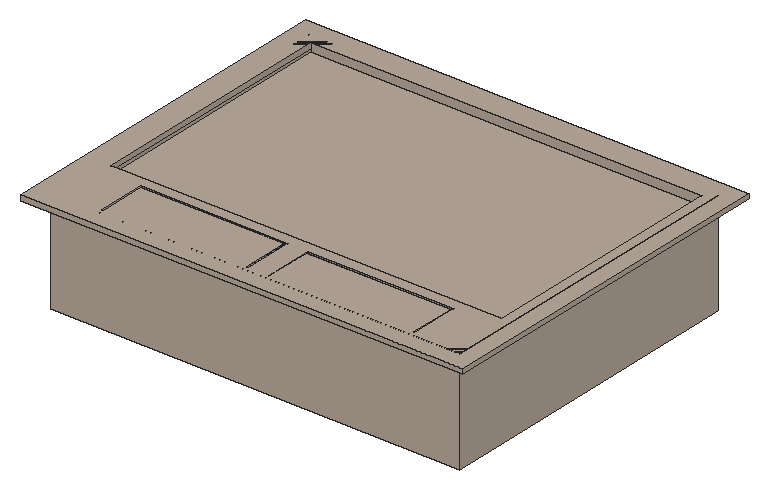
Revit family "Geräteeinsätze GES_Geräteeinsatz_GES6_mit_Griffbügel", category Generic Models, Revit 2015
Parameters (values of type "GES6 U 1019")
  Width 2 = 199 mm
  Width = 273 mm
  URL = "http://www.obo-bettermann.com"
  Snur width = 88.3 mm
  Material = Plastic RAL 1019
  Manufacturer Art. No. = "7405316"
  Manufacturer = "OBO Bettermann"
  Inner cut2 = 16 mm
  Inner cut = 16 mm
  Height = 61 mm
  GTIN = "4012195103127"
  Article Type = "GES6 U 1019"
Types (4, lengths in mm): name | Material | Manufacturer Art. No. | GTIN | Article Type
  (no name) | Plastic RAL 1019 | "7405316" | "4012195103127" | "GES6 U 1019"
  GES6 U 9011 | Plastic RAL 9011 | "7405312" | "4012195103110" | "GES6 U 9011"
  GES6 U 7011 | Plastic RAL 7011 | "7405308" | "4012195103080\r\n4012196460540" | "GES6 U 7011"
  GES6 U 1019 | Plastic RAL 1019 | "7405316" | "4012195103127" | "GES6 U 1019"
Reference planes
  plane 1 "Center (Front/Back)": y = 0
  plane 2: z = 0
  plane 3 "Center (Left/Right)": x = 0
  plane 4: z = -61
  plane 5: x = -136.5
  plane 6: x = 136.5
  plane 7: y = 110
  plane 8: y = -110
  plane 9: z = 3
  plane 10: y = 99.5
  plane 11: y = -99.5
  plane 12: x = -126
  plane 13: x = 126
  plane 14: y = -60
  plane 15: y = 94
  plane 16: x = -120.5
  plane 17: x = 120.5
  plane 18: z = -2
  plane 19: x = -121
  plane 20: x = 116
  plane 21: y = -83.5
  plane 22: y = 83.5
  plane 23: z = -9
  plane 24: x = -95.5
  plane 25: x = -7.2
  plane 26: y = -68.377
  plane 27: x = -96.5
  plane 28: y = -67
  plane 29: x = -6.2
  plane 30: y = -97
  plane 31: x = 6.2
  plane 32: x = 7.2
  plane 33: x = 95.5
  plane 34: x = 96.5
Forms (mm)
  Extrusion 1, solid, material "Plastic RAL 1019" <- "Material"
    sketch origin (0, 0, 0) x (1, 0, 0) y (0, 1, 0)
      loop
        line (-136.5, 110) -> (-136.5, -110) -> (136.5, -110) -> (136.5, 110) -> (-136.5, 110)
    from 3 to 0
  Extrusion 2, solid, material "Plastic RAL 1019" <- "Material"
    sketch origin (0, 0, 0) x (1, 0, 0) y (0, 1, 0)
      loop
        line (-126, 99.5) -> (-126, -99.5) -> (126, -99.5) -> (126, 99.5) -> (-126, 99.5)
    from -61 to 3
  Extrusion 3, void
    sketch origin (0, 0, 0) x (1, 0, 0) y (0, 1, 0)
      loop
        line (-120.5, 94) -> (-120.5, -60) -> (120.5, -60) -> (120.5, 94) -> (-120.5, 94)
    from -2 to 3
  Extrusion 4, void
    sketch origin (0, 0, 0) x (1, 0, 0) y (0, 1, 0)
      loop
        line (116, 83.5) -> (-121, 83.5) -> (-121, -83.5) -> (116, -83.5) -> (116, 83.5)
    from -61 to -9
  Extrusion 5, void
    sketch origin (0, 0, 0) x (1, 0, 0) y (0, 1, 0)
      loop
        line (-96.5, -67) -> (-96.5, -97) -> (-95.5, -97) -> (-95.5, -68.377) -> (-7.2, -68.377) -> (-7.2, -97) -> (-6.2, -97) -> (-6.2, -67) -> (-96.5, -67)
      loop
        line (7.2, -97) -> (7.2, -68.377) -> (95.5, -68.377) -> (95.5, -97) -> (96.5, -97) -> (96.5, -67) -> (6.2, -67) -> (6.2, -97) -> (7.2, -97)
    from -9 to 3
Cuts and joins
  Extrusion 3, Extrusion 4, Extrusion 5 cuts Extrusion 1
  Extrusion 3, Extrusion 4, Extrusion 5 cuts Extrusion 2
Lines and regions (mm)
  model lines
    curve 1: line (-136.5, -110, 0) -> (-136.5, 110, 0)
    curve 2: line (-136.5, 110, 0) -> (136.5, 110, 0)
    curve 3: line (136.5, 110, 0) -> (136.5, -110, 0)
    curve 4: line (136.5, -110, 0) -> (-136.5, -110, 0)
    curve 5: line (-126, 99.5, 0) -> (126, 99.5, 0)
    curve 6: line (126, 99.5, 0) -> (126, -99.5, 0)
    curve 7: line (126, -99.5, 0) -> (-126, -99.5, 0)
    curve 8: line (-126, -99.5, 0) -> (-126, 99.5, 0)
    curve 9: line (-120.5, 94, 0) -> (120.5, 94, 0)
    curve 10: line (120.5, 94, 0) -> (120.5, -60, 0)
    curve 11: line (120.5, -60, 0) -> (-120.5, -60, 0)
    curve 12: line (-120.5, -60, 0) -> (-120.5, 94, 0)
    curve 13: line (-121, 83.5, 0) -> (-121, -83.5, 0)
    curve 14: line (-121, -83.5, 0) -> (116, -83.5, 0)
    curve 15: line (116, -83.5, 0) -> (116, 83.5, 0)
    curve 16: line (116, 83.5, 0) -> (-121, 83.5, 0)
    curve 17: line (-95.5, -97, 0) -> (-95.5, -68.377, 0)
    curve 18: line (-95.5, -68.377, 0) -> (-7.2, -68.377, 0)
    curve 19: line (-7.2, -68.377, 0) -> (-7.2, -97, 0)
    curve 20: line (-6.2, -97, 0) -> (-6.2, -67, 0)
    curve 21: line (-6.2, -67, 0) -> (-96.5, -67, 0)
    curve 22: line (-96.5, -67, 0) -> (-96.5, -97, 0)
    curve 23: line (-96.5, -97, 0) -> (-95.5, -97, 0)
    curve 24: line (-7.2, -97, 0) -> (-6.2, -97, 0)
    curve 25: line (7.2, -97, 0) -> (6.2, -97, 0)
    curve 26: line (7.2, -97, 0) -> (7.2, -68.377, 0)
    curve 27: line (7.2, -68.377, 0) -> (95.5, -68.377, 0)
    curve 28: line (95.5, -68.377, 0) -> (95.5, -97, 0)
    curve 29: line (95.5, -97, 0) -> (96.5, -97, 0)
    curve 30: line (96.5, -97, 0) -> (96.5, -67, 0)
    curve 31: line (96.5, -67, 0) -> (6.2, -67, 0)
    curve 32: line (6.2, -67, 0) -> (6.2, -97, 0)
Dimensions and locks
  "Height": plane 4 to level
  locked: level to plane 9 at 3
  locked: plane 18 to plane 9 at 5
  locked: plane 23 to plane 9 at 12
  equal spacing: plane 5, plane 3 "Center (Left/Right)", plane 6
  "Width": plane 5 to plane 6
  equal spacing: plane 7, plane 1 "Center (Front/Back)", plane 8
  locked: plane 7 to plane 8 at 220
  equal spacing: plane 12, plane 3 "Center (Left/Right)", plane 13
  locked: plane 12 to plane 13 at 252
  equal spacing: plane 10, plane 1 "Center (Front/Back)", plane 11
  "Width 2": plane 10 to plane 11
  locked: plane 12 to plane 19 at 5
  plane 20 to plane 13 = 10 mm
  "Inner cut2": plane 21 to plane 11
  "Inner cut2": plane 10 to plane 22
  "Inner cut": plane 7 to plane 15
  locked: plane 14 to plane 8 at 50
  "Inner cut2": plane 17 to plane 6
  "Inner cut2": plane 5 to plane 16
  "Snur width": plane 24 to plane 25
  locked: plane 27 to plane 24 at 1
  locked: plane 25 to plane 29 at 1
  locked: plane 28 to plane 26 at 1.377
  locked: plane 14 to plane 28 at 7
  locked: plane 28 to plane 30 at 30
  locked: cut or joined group of Extrusion 1, Extrusion 3, Extrusion 4, Extrusion 5 to plane 27 at 40
  locked: plane 31 to plane 32 at 1
  locked: plane 33 to plane 34 at 1
  "Snur width": plane 32 to plane 33
  plane 34 to plane 6 = 40 mm
  aligned and locked: level to plane 2
  aligned and locked: curve 2 to plane 7
  aligned and locked: curve 3 to plane 6
  aligned and locked: plane 8 to curve 4
  aligned and locked: Extrusion 1 sketch curve to curve 2
  aligned and locked: Extrusion 1 sketch curve to curve 3
  aligned and locked: Extrusion 1 sketch curve to curve 4
  aligned and locked: Extrusion 1 sketch curve to curve 1
  aligned and locked: Extrusion 1 to plane 9
  aligned and locked: level to Extrusion 1
  aligned and locked: curve 5 to plane 10
  aligned and locked: curve 6 to plane 13
  aligned and locked: plane 11 to curve 7
  aligned and locked: plane 12 to curve 8
  aligned and locked: Extrusion 2 sketch curve to curve 5
  aligned and locked: Extrusion 2 sketch curve to curve 8
  aligned and locked: Extrusion 2 sketch curve to curve 6
  aligned and locked: Extrusion 2 sketch curve to curve 7
  aligned and locked: Extrusion 2 to plane 4
  aligned and locked: plane 9 to Extrusion 2
  aligned and locked: curve 9 to plane 15
  aligned and locked: curve 10 to plane 17
  aligned and locked: curve 11 to plane 14
  aligned and locked: plane 16 to curve 12
  aligned and locked: Extrusion 3 sketch curve to curve 9
  aligned and locked: Extrusion 3 sketch curve to curve 10
  aligned and locked: Extrusion 3 sketch curve to curve 11
  aligned and locked: Extrusion 3 sketch curve to curve 12
  aligned and locked: Extrusion 3 to plane 18
  aligned and locked: plane 9 to Extrusion 3
  aligned and locked: curve 13 to plane 19
  aligned and locked: curve 14 to plane 21
  aligned and locked: plane 20 to curve 15
  aligned and locked: curve 16 to plane 22
  aligned and locked: Extrusion 4 sketch curve to curve 16
  aligned and locked: Extrusion 4 sketch curve to curve 13
  aligned and locked: Extrusion 4 sketch curve to curve 14
  aligned and locked: Extrusion 4 sketch curve to curve 15
  aligned and locked: Extrusion 4 to plane 4
  aligned and locked: plane 23 to Extrusion 4
  aligned and locked: curve 17 to plane 24
  aligned and locked: curve 18 to plane 26
  aligned and locked: curve 19 to plane 25
  aligned and locked: plane 29 to curve 20
  aligned and locked: plane 28 to curve 21
  aligned and locked: curve 22 to plane 27
  aligned and locked: curve 23 to plane 30
  aligned and locked: curve 24 to plane 30
  aligned and locked: Extrusion 5 sketch curve to curve 22
  aligned and locked: Extrusion 5 sketch curve to curve 17
  aligned and locked: Extrusion 5 sketch curve to curve 23
  aligned and locked: Extrusion 5 sketch curve to curve 18
  aligned and locked: Extrusion 5 sketch curve to curve 21
  aligned and locked: Extrusion 5 sketch curve to curve 19
  aligned and locked: Extrusion 5 sketch curve to curve 20
  aligned and locked: Extrusion 5 sketch curve to curve 24
  aligned and locked: Extrusion 5 to cut or joined group of Extrusion 2, Extrusion 3, Extrusion 4, Extrusion 5
  aligned and locked: plane 9 to Extrusion 5
  aligned and locked: plane 30 to curve 25
  aligned and locked: plane 32 to curve 26
  aligned and locked: curve 27 to plane 26
  aligned and locked: curve 28 to plane 33
  aligned and locked: curve 29 to plane 30
  aligned and locked: plane 34 to curve 30
  aligned and locked: plane 28 to curve 31
  aligned and locked: curve 32 to plane 31
  aligned and locked: Extrusion 5 sketch curve to curve 26
  aligned and locked: Extrusion 5 sketch curve to curve 25
  aligned and locked: Extrusion 5 sketch curve to curve 32
  aligned and locked: Extrusion 5 sketch curve to curve 31
  aligned and locked: Extrusion 5 sketch curve to curve 27
  aligned and locked: Extrusion 5 sketch curve to curve 28
  aligned and locked: Extrusion 5 sketch curve to curve 30
  aligned and locked: Extrusion 5 sketch curve to curve 29
Automatic sketch dimensions
  Extrusion 5 sketch curve to plane 27 = 0 mm
  curve 1 to plane 5 = 0 mm
  curve 13 to plane 19 = 0 mm
